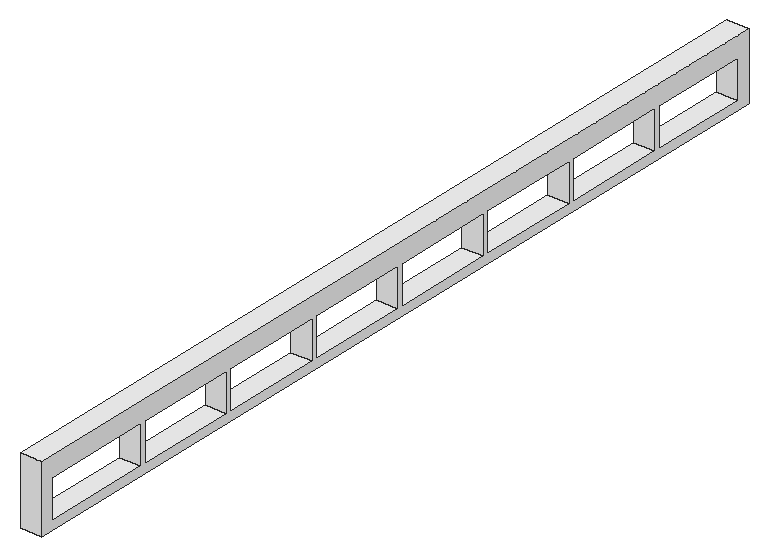
Revit family "CT_Bloco_I_Treliça", category Structural Framing, Revit 2025
Family settings
  Structural Framing Length Roundoff = 0.000 m
  Section Shape = Not Defined
  Material for Model Behavior = Other
  Always export as geometry = No
  Work Plane-Based = No
  Always vertical = Yes
  Cut with Voids When Loaded = No
  Symbolic Representation = From Family
  Shared = No
  Show family pre-cut in plan views = Yes
Parameters
  Structural Material [instance] = CT_Concreto
  Default Elevation = 0.000 m
Reference planes (m)
  plane 1 "Centro (Frente/Trás)": y = 0
  plane 2: z = 0
  plane 3 "Centro (Esquerda/Direita)": x = 0
  plane 4: y = 2.5
  plane 5: y = 2.5
  plane 6: y = 5
  plane 7: y = 7.5
Forms (m)
  Extrusion 1, solid, material "CT_Concreto" <- "Structural Material"
    sketch origin (0, -0.15, 0) x (0, -1, 0) y (0, 0, -1)
      loop
        line (10.3005, -1.57) -> (10.3005, 0) -> (-10.3245, 0) -> (-10.3245, -1.57) -> (10.3005, -1.57)
      loop
        line (-0.2, -1.1) -> (-0.2, -0.2) -> (-2.6, -0.2) -> (-2.6, -1.1) -> (-0.2, -1.1)
      loop
        line (-5.1, -1.1) -> (-2.7, -1.1) -> (-2.7, -0.2) -> (-5.1, -0.2) -> (-5.1, -1.1)
      loop
        line (-5.2, -1.1) -> (-5.2, -0.2) -> (-7.6, -0.2) -> (-7.6, -1.1) -> (-5.2, -1.1)
      loop
        line (-7.7, -1.1) -> (-7.7, -0.2) -> (-10.0245, -0.2) -> (-10.0245, -1.1) -> (-7.7, -1.1)
      loop
        line (-0.1, -1.1) -> (2.3, -1.1) -> (2.3, -0.2) -> (-0.1, -0.2) -> (-0.1, -1.1)
      loop
        line (4.8, -1.1) -> (4.8, -0.2) -> (2.4, -0.2) -> (2.4, -1.1) -> (4.8, -1.1)
      loop
        line (4.9, -1.1) -> (7.3, -1.1) -> (7.3, -0.2) -> (4.9, -0.2) -> (4.9, -1.1)
      loop
        line (7.4, -1.1) -> (10.0005, -1.1) -> (10.0005, -0.2) -> (7.4, -0.2) -> (7.4, -1.1)
    from 0 to 0.5
Dimensions and locks (m)
  Extrusion 1 to Extrusion 1 = 20.625 m
  plane 7 to plane 6 to plane 5 to plane 1 "Centro (Frente/Trás)" = 2.500 m, 2.500 m, 2.500 m
  plane 7 to plane 1 "Centro (Frente/Trás)" = 7.500 m
  aligned and locked: level to plane 2
  aligned and locked: Extrusion 1 to level
